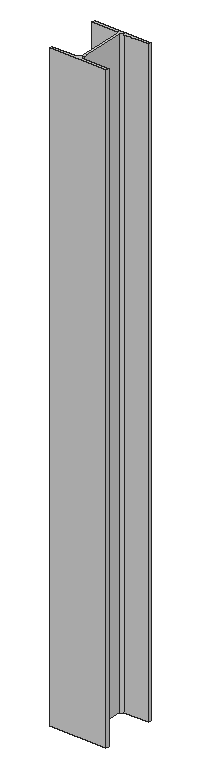
Revit family "W Shapes-Column", category Structural Columns, Revit 2019
Family settings
  Section Shape = I-shape Parallel Flange
  Material for Model Behavior = Steel
  Always export as geometry = No
  Beam cutback in plan = From bounding box
  Code Name = AISC 14.1
  OmniClass Number = 23.25.30.11.14.11
  OmniClass Title = Columns
  Cut with Voids When Loaded = No
  Symbolic Representation = From Project Settings
  Shared = No
  Show family pre-cut in plan views = Yes
Parameters (values of type "W10X49")
  Width = 0' - 10"
  Web Thickness = 0' - 0.34"
  Web Fillet = 0' - 0 1/2"
  Warping Constant = 2070.00 in6
  Torsional Moment of Inertia = 1.3900 in4
  Structural Material [instance] = Steel ASTM A992
  Section Name Key = "W10x49"
  Section Area = 14.40 in²
  Principal Axes Angle = 0.00°
  Plastic Modulus weak axis = 28.30 in³
  Plastic Modulus strong axis = 60.40 in³
  Perimeter = 58.50 ft²/ft
  Nominal Weight = 49.00 lbf/ft
  Moment of Inertia weak axis = 93.4000 in4
  Moment of Inertia strong axis = 272.0000 in4
  Height = 0' - 10"
  Flange Thickness = 0' - 0.56"
  Elastic Modulus weak axis = 18.70 in³
  Elastic Modulus strong axis = 54.60 in³
  Centroid Vertical = Height / 2  # 5.000"
  Centroid Horizontal = Width / 2  # 5.000"
  Bolt Spacing = 0' - 5 1/2"
  Assembly Code = "B10"
Types (2): name | Width | Web Thickness | Warping Constant | Torsional Moment of Inertia | Section Name Key | Section Area | Plastic Modulus weak axis | Plastic Modulus strong axis | Perimeter | Nominal Weight | Moment of Inertia weak axis | Moment of Inertia strong axis | Height | Flange Thickness | Elastic Modulus weak axis | Elastic Modulus strong axis | Centroid Vertical | Centroid Horizontal
  W10X49 | 0' - 10" | 0' - 0.34" | 2070.00 in6 | 1.3900 in4 | "W10x49" | 14.40 in² | 28.30 in³ | 60.40 in³ | 58.50 ft²/ft | 49.00 lbf/ft | 93.4000 in4 | 272.0000 in4 | 0' - 10" | 0' - 0.56" | 18.70 in³ | 54.60 in³ | 5.000" | 5.000"
  W10X33 | 0' - 7.96" | 0' - 0.29" | 791.00 in6 | 0.5830 in4 | "W10x33" | 9.71 in² | 14.00 in³ | 38.80 in³ | 49.90 ft²/ft | 33.00 lbf/ft | 36.6000 in4 | 171.0000 in4 | 0' - 9.73" | 0' - 0.435" | 9.20 in³ | 35.00 in³ | 4.865" | 3.980"
Reference planes (in)
  plane 1: y = 0
  plane 2: z = 0
  plane 3: x = 0
  plane 4: x = -5
  plane 5: x = 5
  plane 6: y = 5
  plane 7: y = -5
  plane 8: x = -0.17
  plane 9: x = 0.17
  plane 10: y = 4.44
  plane 11: y = -4.44
Forms (in)
  Extrusion 1, solid, material "Steel ASTM A992" <- "Structural Material", detail levels medium
    sketch origin (0, 0, 0) x (1, 0, 0) y (0, 1, 0)
      loop
        line (-5, 5) -> (-5, 4.44) -> (-0.17, 4.44) -> (-0.17, -4.44) -> (-5, -4.44) -> (-5, -5) -> (5, -5) -> (5, -4.44) -> (0.17, -4.44) -> (0.17, 4.44) -> (5, 4.44) -> (5, 5) -> (-5, 5)
    from 0 to 108
  Extrusion 2, solid, material "Steel ASTM A992" <- "Structural Material", detail levels fine
    sketch origin (0, 0, 0) x (1, 0, 0) y (0, 1, 0)
      loop
        line (-5, 5) -> (-5, 4.44) -> (-0.67, 4.44)
        arc (-0.67, 4.44) -> (-0.31645, 4.29355) -> (-0.17, 3.94) r 0.5
        line (-0.17, 3.94) -> (-0.17, -3.94)
        arc (-0.17, -3.94) -> (-0.31645, -4.29355) -> (-0.67, -4.44) r 0.5
        line (-0.67, -4.44) -> (-5, -4.44) -> (-5, -5) -> (5, -5) -> (5, -4.44) -> (0.67, -4.44)
        arc (0.67, -4.44) -> (0.31645, -4.29355) -> (0.17, -3.94) r 0.5
        line (0.17, -3.94) -> (0.17, 3.94)
        arc (0.17, 3.94) -> (0.31645, 4.29355) -> (0.67, 4.44) r 0.5
        line (0.67, 4.44) -> (5, 4.44) -> (5, 5) -> (-5, 5)
    from 0 to 108
Lines and regions (in)
  symbolic lines, style "StructuralColumnStickSymbols", detail levels coarse
    curve 1: line (-5, 5, 0) -> (5, 5, 0)
    curve 2: line (-5, -5, 0) -> (5, -5, 0)
    curve 3: line (0, 5, 0) -> (0, -5, 0)
  symbolic lines, style "Hidden Faces", detail levels medium+fine
    curve 4: line (-0.17, 0, 0) -> (-0.17, 0, 108)
    curve 5: line (0.17, 0, 108) -> (0.17, 0, 0)
Dimensions and locks (in)
  equal spacing: plane 4, plane 3, plane 5
  equal spacing: plane 7, plane 1, plane 6
  "Height": plane 7 to plane 6
  "Width": plane 4 to plane 5
  equal spacing: plane 8, plane 3, plane 9
  "Web Thickness": plane 8 to plane 9
  "Flange Thickness": plane 7 to plane 11
  "Flange Thickness": plane 10 to plane 6
  "Web Fillet": radius of Extrusion 2 sketch curve  (x4)
  aligned and locked: plane 6 to Extrusion 1 sketch curve
  aligned and locked: Extrusion 1 sketch curve to plane 7
  aligned and locked: Extrusion 1 sketch curve to plane 4  (x2)
  aligned and locked: plane 5 to Extrusion 1 sketch curve  (x2)
  aligned and locked: Extrusion 1 sketch curve to Extrusion 1 sketch curve  (x2)
  aligned and locked: level to Extrusion 1
  aligned and locked: level to plane 2
  aligned and locked: Extrusion 1 to plane 2
  aligned and locked: plane 6 to Extrusion 2 sketch curve
  aligned and locked: plane 5 to Extrusion 2 sketch curve  (x2)
  aligned and locked: Extrusion 2 sketch curve to plane 4  (x2)
  aligned and locked: Extrusion 2 sketch curve to plane 7
  aligned and locked: level to Extrusion 2
  aligned and locked: Extrusion 2 to level
  aligned and locked: plane 4 to curve 1
  aligned and locked: plane 10 to Extrusion 2 sketch curve  (x2)
  aligned and locked: Extrusion 2 sketch curve to plane 9
  aligned and locked: Extrusion 2 sketch curve to plane 8
  aligned and locked: Extrusion 2 sketch curve to plane 11  (x2)
  aligned and locked: plane 10 to Extrusion 1 sketch curve
  aligned and locked: Extrusion 1 sketch curve to plane 9
  aligned and locked: Extrusion 1 sketch curve to plane 8
  aligned and locked: Extrusion 1 sketch curve to plane 11
  aligned and locked: plane 5 to curve 1
  aligned and locked: plane 6 to curve 1
  aligned and locked: plane 7 to curve 2
  aligned and locked: curve 3 to plane 3
  aligned and locked: plane 5 to curve 2
  aligned and locked: plane 4 to curve 2
  aligned and locked: plane 6 to curve 3
  aligned and locked: plane 7 to curve 3
Automatic sketch dimensions
  curve 4 to level = 0' - 0"  (x2)
  curve 4 to plane 8 = 0' - 0"
  curve 5 to level = 0' - 0"  (x2)
  curve 5 to plane 9 = 0' - 0"
